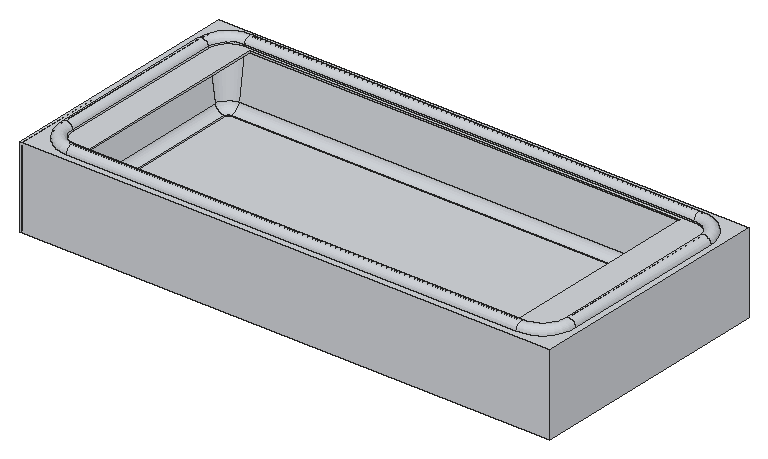
Revit family "Planter Top", category Furniture, Revit 2018
Family settings
  OmniClass Number = 23.40.20.00
  OmniClass Title = General Furniture and Specialties
  Work Plane-Based = No
  Always vertical = Yes
  Cut with Voids When Loaded = No
  Shared = No
  Room Calculation Point = No
Parameters (values of type "RP10M")
  wall thickness = 2 mm
  Width = 1000 mm
  Weight = ""
  Warranty = "10 Years"  # constant formula
  Uniclass2015Version = "V1.3"  # constant formula
  Training Requirements for Operational Use = "N/A"  # constant formula
  Routine Maintenance = "We recommend you clean your unit with warm water and a mild detergent solution. A damp cloth can be used to remove dust particles."  # constant formula
  Revision = "V1"  # constant formula
  Range = "LateralFile"  # constant formula
  Product Information = "Lateralfile Planter Top"  # constant formula
  Model = "RP10M"
  Manufacturer = "Bisley"  # constant formula
  Insert Type = Plastic Liner : 1000 planter
  Height = 152 mm  # constant formula
  Expected Life = ">10 years"  # constant formula
  Dimensions = "1000mm x 152mm x 470mm"
  Depth = 470 mm
  Compliance Standards Certification = ""
  Colour = "Vision Colour Palette"  # constant formula
  Classification.Uniclass.Pr.Number = "PR_45_63_84"  # constant formula
  Classification.Uniclass.Pr.Description = "Steel Plant Containers"  # constant formula
  Carcass_Material = Steel, Mild
  Author = "Bisley"  # constant formula
  Accessibility Performance = "N/A"  # constant formula
Types (3, lengths in mm): name | Width | Model | Insert Type | Dimensions
  (no name) | 1000 | "RP10M" | Plastic Liner : 1000 planter | "1000mm x 152mm x 470mm"
  RP08M | 800 | "RP08M" | Plastic Liner : 800 planter | "800mm x 152mm x 470mm"
  RP10M | 1000 | "RP10M" | Plastic Liner : 1000 planter | "1000mm x 152mm x 470mm"
Reference planes
  plane 1 "Center (Front/Back)": y = 0
  plane 2: z = 0
  plane 3 "Center (Left/Right)": x = 0
  plane 4: y = -470
  plane 5: x = 1000
  plane 6 "Top": z = 152
  plane 7: y = -45
  plane 8: x = 93
  plane 9: y = -425
  plane 10: x = 907
  plane 11: x = 998
  plane 12: y = -468
  plane 13: y = -2
  plane 14: x = 2
  plane 15: z = 2
  plane 16: z = 150
  plane 17: x = 15
  plane 18: y = -13
Forms (mm)
  Extrusion 1, solid
    sketch origin (0, 0, 0) x (1, 0, 0) y (0, 1, 0)
      loop
        line (0, 0) -> (0, -470) -> (1000, -470) -> (1000, 0) -> (0, 0)
    from 0 to 152
  Extrusion 2, void
    sketch origin (0, 0, 0) x (1, 0, 0) y (0, 0, 1)
      loop
        line (2, 150) -> (2, 2) -> (998, 2) -> (998, 150) -> (2, 150)
    from 2 to 468
  Extrusion 3, void
    sketch origin (0, 0, 152) x (-1, 0, 0) y (0, -1, 0)
      loop
        line (-93, 45) -> (-93, 425) -> (-907, 425) -> (-907, 45) -> (-93, 45)
    from -2 to 0
Cuts and joins
  Extrusion 2, Extrusion 3 cuts Extrusion 1
Dimensions and locks
  "Width": plane 3 "Center (Left/Right)" to plane 5
  "Depth": plane 4 to plane 1 "Center (Front/Back)"
  "Width": plane 5 to plane 3 "Center (Left/Right)"
  "Height": plane 6 "Top" to level
  locked: plane 3 "Center (Left/Right)" to plane 8 at 93
  locked: plane 1 "Center (Front/Back)" to plane 7 at 45
  locked: plane 9 to plane 4 at 45
  locked: plane 10 to plane 5 at 93
  "wall thickness": plane 1 "Center (Front/Back)" to plane 13
  "wall thickness": plane 3 "Center (Left/Right)" to plane 14
  "wall thickness": plane 11 to plane 5
  "wall thickness": plane 4 to plane 12
  "wall thickness": plane 6 "Top" to plane 16
  "wall thickness": plane 15 to level
  plane 3 "Center (Left/Right)" to plane 17 = 15 mm
  plane 1 "Center (Front/Back)" to plane 18 = 13 mm
  aligned and locked: level to plane 2
  aligned and locked: plane 6 "Top" to Extrusion 1
  aligned and locked: plane 5 to Extrusion 1
  aligned and locked: Extrusion 1 to level
  aligned and locked: Extrusion 1 to plane 3 "Center (Left/Right)"
  aligned and locked: Extrusion 1 to plane 1 "Center (Front/Back)"
  aligned and locked: Extrusion 1 to plane 4
  aligned and locked: plane 16 to Extrusion 2 sketch curve
  aligned and locked: plane 14 to Extrusion 2 sketch curve
  aligned and locked: Extrusion 2 sketch curve to plane 15
  aligned and locked: Extrusion 2 sketch curve to plane 11
  aligned and locked: Extrusion 2 to plane 13
  aligned and locked: plane 12 to Extrusion 2
  aligned and locked: Extrusion 3 sketch curve to plane 7
  aligned and locked: plane 8 to Extrusion 3 sketch curve
  aligned and locked: plane 9 to Extrusion 3 sketch curve
  aligned and locked: plane 10 to Extrusion 3 sketch curve
  aligned and locked: plane 16 to Extrusion 3
  aligned and locked: Extrusion 1 to Extrusion 3
  aligned and locked: plane 18 to nested 1
  aligned and locked: nested 1 to plane 6 "Top"
Automatic sketch dimensions
  Extrusion 1 sketch curve to plane 3 "Center (Left/Right)" = 0 mm
  plane 1 "Center (Front/Back)" to Extrusion 1 sketch curve = 0 mm
  Extrusion 1 sketch curve to plane 5 = 0 mm
  Extrusion 1 sketch curve to plane 4 = 0 mm
Nested families
  nested 1: "Plastic Liner" at (27, -25, 152), type <- "Insert Type", type "1000 planter"
Definition of nested family "Plastic Liner"
  Parameters (values of type "1000 planter")
    Width = 950 mm
    Height = 116 mm
    Depth = 420 mm
    42.5 = 42.539 mm
    12 = 12 mm
    10 = 10 mm
  Types (3, lengths in mm): name | Width
    (no name) | 950
    800 planter | 750
    1000 planter | 950
  Reference planes
    plane 1 "Center (Front/Back)": y = 0
    plane 2: z = 0
    plane 3 "Center (Left/Right)": x = 0
    plane 4: x = 950
    plane 5: y = -420
    plane 6: z = 116
    plane 7: x = 42.539
    plane 8: x = 42.5
    plane 9: x = 907.5
  Forms (mm)
    Sweep 1, solid
      path in 3D
        loop
          arc (0, -50, 0) -> (14.645, -14.645, 0) -> (50, 0, 0) r 50
          line (50, 0, 0) -> (900, 0, 0)
          arc (900, 0, 0) -> (935.355, -14.645, 0) -> (950, -50, 0) r 50
          line (950, -50, 0) -> (950, -370, 0)
          arc (950, -370, 0) -> (935.355, -405.355, 0) -> (900, -420, 0) r 50
          line (900, -420, 0) -> (50, -420, 0)
          arc (50, -420, 0) -> (14.645, -405.355, 0) -> (0, -370, 0) r 50
          line (0, -370, 0) -> (0, -50, 0)
      profile origin (0, -210, 0) x (-1, 0, 0) y (0, 0, 1)
        loop
          line (10, 0) -> (12, 0)
          arc (12, 0) -> (1.036, 11.955) -> (-11.821, 2.065) r 12
          line (-11.821, 2.065) -> (-24.714, -89.677)
          arc (-24.714, -89.677) -> (-30.73, -100.756) -> (-42.539, -105.171) r 18
          line (-42.539, -105.171) -> (-42.539, -107.171)
          arc (-42.539, -107.171) -> (-29.418, -102.266) -> (-22.734, -89.955) r 20
          line (-22.734, -89.955) -> (-9.845, 1.752)
          arc (-9.845, 1.752) -> (0.879, 9.961) -> (10, 0) r 10
    Extrusion 2, solid
      sketch origin (0, 0, 0) x (1, 0, 0) y (0, 1, 0)
        loop
          arc (900.5, -377.461) -> (905.45, -375.41) -> (907.5, -370.461) r 7
          line (907.5, -370.461) -> (907.5, -49.539)
          arc (907.5, -49.539) -> (905.45, -44.59) -> (900.5, -42.539) r 7
          line (900.5, -42.539) -> (49.5, -42.539)
          arc (49.5, -42.539) -> (44.55, -44.59) -> (42.5, -49.539) r 7
          line (42.5, -49.539) -> (42.5, -370.461)
          arc (42.5, -370.461) -> (44.55, -375.41) -> (49.5, -377.461) r 7
          line (49.5, -377.461) -> (900.5, -377.461)
      from -107.171 to -105.171
  Lines and regions (mm)
    model lines
      curve 1: line (50, 0, 0) -> (900, 0, 0)
      curve 2: line (900, -420, 0) -> (50, -420, 0)
      curve 3: line (950, -50, 0) -> (950, -370, 0)
      curve 4: arc (900, -420, 0) -> (935.355, -405.355, 0) -> (950, -370, 0) r 50
      curve 5: arc (950, -50, 0) -> (935.355, -14.645, 0) -> (900, 0, 0) r 50
      curve 6: line (43.787, 0, 0) -> (116.401, 0, 0)
      curve 7: line (900, -418, 0) -> (50, -418, 0)
    sketch lines
      curve 8: line (0, -370, 0) -> (0, -50, 0)
      curve 9: arc (0, -50, 0) -> (14.645, -14.645, 0) -> (50, 0, 0) r 50
      curve 10: line (50, 0, 0) -> (900, 0, 0)
      curve 11: arc (950, -50, 0) -> (935.355, -14.645, 0) -> (900, 0, 0) r 50
      curve 12: line (950, -50, 0) -> (950, -370, 0)
      curve 13: arc (900, -420, 0) -> (935.355, -405.355, 0) -> (950, -370, 0) r 50
      curve 14: line (900, -420, 0) -> (50, -420, 0)
      curve 15: arc (0, -370, 0) -> (14.645, -405.355, 0) -> (50, -420, 0) r 50
  Dimensions and locks
    "Depth": plane 1 "Center (Front/Back)" to plane 5
    "Width": plane 3 "Center (Left/Right)" to plane 4
    "Height": plane 6 to level
    "42.5": plane 7 to profile plane
    locked: plane 9 to plane 4 at 42.5
    locked: plane 3 "Center (Left/Right)" to plane 8 at 42.5
    "10": radius of Sweep 1 sketch curve
    "12": radius of Sweep 1 sketch curve
    aligned and locked: level to plane 2
    aligned and locked: plane 1 "Center (Front/Back)" to curve 1
    aligned and locked: plane 5 to curve 2
    aligned and locked: curve 3 to plane 4
    aligned and locked: Sweep 1 sketch curve to profile plane
    aligned and locked: profile plane to Sweep 1 sketch curve  (x4)
    aligned and locked: Sweep 1 sketch curve to plane 7
    aligned and locked: Extrusion 2 to Sweep 1
    aligned and locked: Extrusion 2 to plane 9
    aligned and locked: Extrusion 2 to plane 8
  Automatic sketch dimensions
    plane 5 to curve 7 = 2 mm
    plane 3 "Center (Left/Right)" to curve 2 = 50 mm
    curve 2 to plane 4 = 50 mm
    curve 1 to plane 4 = 50 mm
    curve 7 to curve 2 = 0 mm  (x2)
    curve 6 to level = 0 mm
    plane 3 "Center (Left/Right)" to curve 1 = 50 mm
    plane 3 "Center (Left/Right)" to curve 6 = 43.787 mm
    curve 6 to curve 6 = 72.614 mm
    plane 3 "Center (Left/Right)" to Extrusion 2 sketch curve = 42.5 mm
    Extrusion 2 sketch curve to Extrusion 2 sketch curve = 7 mm  (x2)
    plane 1 "Center (Front/Back)" to Extrusion 2 sketch curve = 42.539 mm
    plane 3 "Center (Left/Right)" to Extrusion 2 sketch curve = 49.5 mm
    Extrusion 2 sketch curve to plane 4 = 49.5 mm  (x2)
    plane 5 to Extrusion 2 sketch curve = 49.539 mm
    Sweep 1 sketch curve to Sweep 1 sketch curve = 0 mm
    plane 7 to Sweep 1 sketch curve = 17.825 mm
    Sweep 1 sketch curve to Sweep 1 sketch curve = 1.981 mm
    profile plane to Sweep 1 sketch curve = 2.065 mm
    profile plane to Sweep 1 sketch curve = 1.752 mm
    Sweep 1 sketch curve to profile plane = 87.171 mm
    Sweep 1 sketch curve to Sweep 1 sketch curve = 2.505 mm
    Sweep 1 sketch curve to Sweep 1 sketch curve = 0.278 mm
